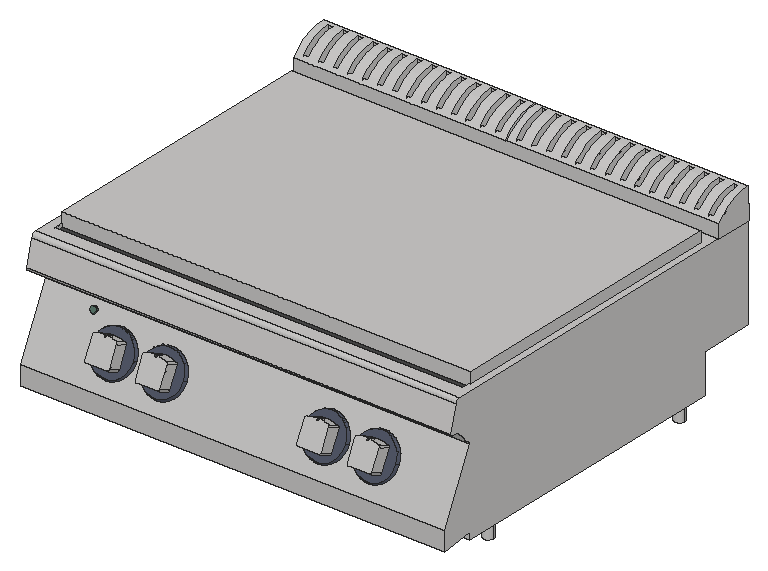
Revit family "QF_ZANUSSI_372028_Z7HOEH4000", category Specialty Equipment, Revit 2018 (continued)
Automatic sketch dimensions
  Extrusion 52 sketch curve to plane 14 "panel" = 35 mm
  plane 13 to Extrusion 52 sketch curve = 5.671 mm
  Extrusion 52 sketch curve to Extrusion 52 sketch curve = 3 mm
  Extrusion 52 sketch curve to Extrusion 52 sketch curve = 0 mm  (x2)
  Extrusion 52 sketch curve to Extrusion 52 sketch curve = 1 mm
  Extrusion 52 sketch curve to Extrusion 52 sketch curve = 15 mm
  Extrusion 53 sketch curve to plane 14 "panel" = 35 mm
  plane 13 to Extrusion 53 sketch curve = 5.671 mm
  Extrusion 53 sketch curve to Extrusion 53 sketch curve = 3 mm
  Extrusion 53 sketch curve to Extrusion 53 sketch curve = 0 mm
  Extrusion 53 sketch curve to Extrusion 53 sketch curve = 1 mm  (x2)
  Extrusion 53 sketch curve to Extrusion 53 sketch curve = 15 mm
  curve 128 to plane 3 "LEFT" = 0 mm
  curve 163 to plane 3 "LEFT" = 0 mm
  curve 128 to plane 4 "RIGHT" = 0 mm
  plane 3 "LEFT" to curve 129 = 129.5 mm
  curve 129 to curve 130 = 0.809 mm
  curve 133 to curve 133 = 1.583 mm
  curve 130 to curve 131 = 1.846 mm
  curve 130 to curve 144 = 2.189 mm
  curve 129 to curve 132 = 11.892 mm
  curve 133 to curve 135 = 20.417 mm
  curve 144 to curve 134 = 19.134 mm
  curve 134 to curve 143 = 1.738 mm
  curve 135 to curve 136 = 2 mm
  curve 132 to curve 141 = 22.215 mm
  curve 136 to curve 144 = 19.003 mm
  curve 144 to curve 140 = 0.343 mm
  curve 140 to curve 142 = 1.071 mm
  curve 140 to curve 139 = 2.189 mm
  curve 139 to curve 138 = 0.809 mm
  curve 138 to curve 154 = 49 mm
  curve 154 to curve 155 = 0.809 mm
  curve 158 to curve 158 = 1.583 mm
  curve 155 to curve 156 = 1.846 mm
  curve 155 to curve 160 = 2.189 mm
  curve 154 to curve 157 = 11.892 mm
  curve 158 to curve 152 = 20.417 mm
  curve 160 to curve 159 = 19.134 mm
  curve 159 to curve 150 = 1.738 mm
  curve 152 to curve 151 = 2 mm
  curve 157 to curve 148 = 22.215 mm
  curve 151 to curve 160 = 19.003 mm
  curve 147 to curve 147 = 0.343 mm
  curve 147 to curve 149 = 1.071 mm
  curve 147 to curve 146 = 2.189 mm
  curve 146 to curve 145 = 0.809 mm
  plane 7 "Center Y" to curve 164 = 129.5 mm
  curve 164 to curve 165 = 0.809 mm
  curve 168 to curve 168 = 1.583 mm
  curve 165 to curve 166 = 1.846 mm
  curve 165 to curve 179 = 2.189 mm
  curve 164 to curve 167 = 11.892 mm
  curve 168 to curve 171 = 20.417 mm
  curve 179 to curve 169 = 19.134 mm
  curve 169 to curve 178 = 1.738 mm
  curve 170 to curve 172 = 2 mm
  curve 167 to curve 176 = 22.215 mm
  curve 171 to curve 179 = 19.003 mm
  curve 179 to curve 175 = 0.343 mm
  curve 175 to curve 177 = 1.071 mm
  curve 175 to curve 174 = 2.189 mm
  curve 174 to curve 173 = 0.809 mm
  curve 173 to curve 189 = 49 mm
  curve 189 to curve 190 = 0.809 mm
  curve 193 to curve 193 = 1.583 mm
  curve 190 to curve 191 = 1.846 mm
  curve 190 to curve 195 = 2.189 mm
  curve 189 to curve 192 = 11.892 mm
  curve 193 to curve 188 = 20.417 mm
  curve 195 to curve 194 = 19.134 mm
  curve 194 to curve 185 = 1.738 mm
  curve 187 to curve 186 = 2 mm
  curve 192 to curve 183 = 22.215 mm
  curve 186 to curve 195 = 19.003 mm
  curve 182 to curve 182 = 0.343 mm
  curve 182 to curve 184 = 1.071 mm
  curve 182 to curve 181 = 2.189 mm
  curve 181 to curve 180 = 0.809 mm
  plane 5 "FRONT" to curve 159 = 97.519 mm
  curve 143 to curve 159 = 0 mm
  curve 159 to curve 178 = 0 mm
  curve 134 to curve 143 = 0 mm
  curve 178 to curve 194 = 0 mm
  curve 159 to curve 150 = 0 mm
  curve 169 to curve 178 = 0 mm
  curve 194 to curve 185 = 0 mm
  curve 143 to curve 144 = 86.839 mm
  curve 185 to curve 195 = 86.839 mm
  curve 140 to curve 160 = 0 mm
  curve 169 to curve 179 = 86.839 mm
  curve 175 to curve 173 = 1.333 mm
  curve 131 to curve 129 = 1.333 mm
  curve 191 to curve 190 = 1.333 mm
  curve 182 to curve 180 = 1.333 mm
  curve 147 to curve 145 = 1.333 mm
  curve 156 to curve 155 = 1.333 mm
  curve 140 to curve 138 = 1.333 mm
  curve 166 to curve 164 = 1.333 mm
  curve 139 to curve 140 = 2.779 mm
  curve 181 to curve 182 = 2.779 mm
  curve 155 to curve 156 = 2.779 mm
  curve 174 to curve 175 = 2.779 mm
  curve 130 to curve 131 = 2.779 mm
  curve 146 to curve 147 = 2.779 mm
  curve 190 to curve 191 = 2.779 mm
  curve 165 to curve 166 = 2.779 mm
  curve 182 to curve 184 = 14.462 mm
  curve 140 to curve 142 = 14.462 mm
  curve 175 to curve 177 = 14.462 mm
  curve 166 to curve 168 = 14.462 mm
  curve 156 to curve 158 = 14.462 mm
  curve 131 to curve 133 = 14.462 mm
  curve 147 to curve 149 = 14.462 mm
  curve 191 to curve 193 = 14.462 mm
  curve 177 to curve 172 = 1.435 mm
  curve 193 to curve 188 = 1.435 mm
  curve 149 to curve 151 = 1.435 mm
  curve 133 to curve 136 = 1.435 mm
  curve 187 to curve 192 = 41.91 mm
  curve 152 to curve 157 = 41.91 mm
  curve 157 to curve 148 = 0 mm
  curve 171 to curve 176 = 41.91 mm
  curve 135 to curve 132 = 41.91 mm
  curve 132 to curve 141 = 0 mm
  curve 192 to curve 183 = 0 mm
  curve 167 to curve 176 = 0 mm
  curve 132 to curve 129 = 9.809 mm
  curve 133 to curve 133 = 0.284 mm
  curve 142 to curve 143 = 0.284 mm
  curve 138 to curve 141 = 9.809 mm
  curve 157 to curve 154 = 9.809 mm
  curve 159 to curve 158 = 0.284 mm
  curve 149 to curve 149 = 0.284 mm
  curve 145 to curve 148 = 9.809 mm
  curve 167 to curve 164 = 9.809 mm
  curve 168 to curve 168 = 0.284 mm
  curve 177 to curve 178 = 0.284 mm
  curve 173 to curve 176 = 9.809 mm
  curve 192 to curve 189 = 9.809 mm
  curve 194 to curve 193 = 0.284 mm
  curve 184 to curve 185 = 0.284 mm
  curve 180 to curve 183 = 9.809 mm
  plane 4 "RIGHT" to curve 197 = 0.05 mm
  curve 181 to curve 197 = 9.347 mm
  curve 131 to curve 163 = 6.567 mm
  curve 175 to curve 196 = 6.567 mm
  curve 166 to curve 162 = 6.567 mm
  curve 156 to curve 161 = 6.567 mm
  curve 142 to curve 142 = 0.567 mm
  curve 177 to curve 177 = 0.567 mm
  curve 168 to curve 168 = 0.567 mm
  curve 158 to curve 158 = 0.567 mm
  curve 184 to curve 184 = 0.567 mm
  curve 149 to curve 149 = 0.567 mm
  curve 133 to curve 133 = 0.567 mm
  curve 193 to curve 193 = 0.567 mm
  curve 184 to curve 183 = 1.156 mm
  Extrusion 2 sketch curve to plane 4 "RIGHT" = 14.981 mm
  plane 3 "LEFT" to Extrusion 2 sketch curve = 15 mm
  Extrusion 2 sketch curve to plane 12 = 54.376 mm
  Extrusion 2 sketch curve to plane 13 = 46.738 mm
  plane 11 to Extrusion 3 sketch curve = 0 mm  (x2)
  plane 12 to Extrusion 3 sketch curve = 0 mm  (x2)
  plane 3 "LEFT" to Extrusion 3 sketch curve = 11.112 mm  (x2)
  Extrusion 3 sketch curve to plane 4 "RIGHT" = 11.113 mm  (x2)
  plane 9 "BASE" to Extrusion 4 sketch curve = 33.906 mm
  Extrusion 4 sketch curve to plane 4 "RIGHT" = 52 mm
  plane 5 "FRONT" to Extrusion 5 sketch curve = 0 mm  (x2)
  plane 1 "BACK" to Extrusion 5 sketch curve = 0 mm
  Extrusion 5 sketch curve to plane 3 "LEFT" = 0 mm
  Extrusion 5 sketch curve to plane 4 "RIGHT" = 0 mm
  Extrusion 5 sketch curve to plane 3 "LEFT" = 150.019 mm
  plane 4 "RIGHT" to Extrusion 5 sketch curve = 150.019 mm
  Extrusion 5 sketch curve to plane 1 "BACK" = 150.019 mm
  plane 1 "BACK" to curve 6 = 0 mm
  curve 6 to plane 4 "RIGHT" = 0 mm
  curve 5 to plane 3 "LEFT" = 0 mm
  curve 8 to plane 3 "LEFT" = 0 mm
  plane 5 "FRONT" to curve 5 = 0 mm
  plane 5 "FRONT" to curve 6 = 0 mm
  plane 4 "RIGHT" to curve 3 = 150.019 mm
  curve 1 to plane 3 "LEFT" = 150.019 mm
  curve 1 to plane 1 "BACK" = 150.019 mm
  curve 4 to curve 7 = 69.85 mm
  curve 7 to curve 7 = 31.725 mm
  curve 9 to curve 7 = 0 mm
  curve 8 to plane 12 = 26.988 mm
  plane 5 "FRONT" to curve 3 = 1.377 mm
  plane 5 "FRONT" to curve 1 = 1.377 mm
  Extrusion 2 to curve 12 = 0 mm
  curve 12 to Extrusion 2 = 0 mm
  curve 11 to Extrusion 2 = 0 mm  (x2)
  Extrusion 6 sketch curve to Extrusion 2 = 0 mm  (x3)
  Extrusion 6 sketch curve to Extrusion 2 = 18.26 mm
  Extrusion 22 sketch curve to plane 1 "BACK" = 6.761 mm
  plane 4 "RIGHT" to Extrusion 22 sketch curve = 22.649 mm
  Extrusion 22 sketch curve to Extrusion 22 sketch curve = 9.296 mm
  Extrusion 22 sketch curve to Extrusion 22 sketch curve = 57.15 mm
  Extrusion 24 sketch curve to plane 1 "BACK" = 6.761 mm
  plane 4 "RIGHT" to Extrusion 24 sketch curve = 50.491 mm
  Extrusion 24 sketch curve to Extrusion 24 sketch curve = 9.296 mm
  Extrusion 24 sketch curve to Extrusion 24 sketch curve = 57.15 mm
  Extrusion 25 sketch curve to plane 1 "BACK" = 6.761 mm
  plane 4 "RIGHT" to Extrusion 25 sketch curve = 78.333 mm
  Extrusion 25 sketch curve to Extrusion 25 sketch curve = 9.296 mm
  Extrusion 25 sketch curve to Extrusion 25 sketch curve = 57.15 mm
  Extrusion 26 sketch curve to plane 1 "BACK" = 6.761 mm
  plane 4 "RIGHT" to Extrusion 26 sketch curve = 106.175 mm
  Extrusion 26 sketch curve to Extrusion 26 sketch curve = 9.296 mm
  Extrusion 26 sketch curve to Extrusion 26 sketch curve = 57.15 mm
  Extrusion 27 sketch curve to plane 1 "BACK" = 6.761 mm
  plane 4 "RIGHT" to Extrusion 27 sketch curve = 134.018 mm
  Extrusion 27 sketch curve to Extrusion 27 sketch curve = 9.296 mm
  Extrusion 27 sketch curve to Extrusion 27 sketch curve = 57.15 mm
  Extrusion 28 sketch curve to plane 1 "BACK" = 6.761 mm
  plane 4 "RIGHT" to Extrusion 28 sketch curve = 161.86 mm
  Extrusion 28 sketch curve to Extrusion 28 sketch curve = 9.296 mm
  Extrusion 28 sketch curve to Extrusion 28 sketch curve = 57.15 mm
  Extrusion 29 sketch curve to plane 1 "BACK" = 6.761 mm
  plane 4 "RIGHT" to Extrusion 29 sketch curve = 189.702 mm
  Extrusion 29 sketch curve to Extrusion 29 sketch curve = 9.296 mm
  Extrusion 29 sketch curve to Extrusion 29 sketch curve = 57.15 mm
  plane 1 "BACK" to curve 126 = 0 mm
  plane 1 "BACK" to curve 127 = 0 mm
  curve 70 to plane 4 "RIGHT" = 13.453 mm
  curve 70 to curve 73 = 9.296 mm
  curve 72 to curve 78 = 18.547 mm
  curve 78 to curve 79 = 9.296 mm
  curve 80 to curve 85 = 18.547 mm
  curve 82 to curve 84 = 9.296 mm
  curve 84 to curve 89 = 18.547 mm
  curve 86 to curve 87 = 9.296 mm
  curve 88 to curve 90 = 18.547 mm
  curve 90 to curve 91 = 9.296 mm
  curve 92 to curve 97 = 18.547 mm
  curve 94 to curve 96 = 9.296 mm
  plane 1 "BACK" to curve 98 = 6.761 mm
  curve 95 to curve 98 = 18.547 mm
  curve 98 to curve 101 = 9.296 mm
  plane 1 "BACK" to curve 102 = 6.761 mm
  curve 99 to curve 102 = 18.547 mm
  curve 102 to curve 103 = 9.296 mm
  curve 104 to curve 106 = 18.547 mm
  curve 106 to curve 107 = 9.296 mm
  curve 108 to curve 110 = 18.547 mm
  curve 110 to curve 111 = 9.296 mm
  curve 112 to curve 117 = 18.547 mm
  curve 114 to curve 115 = 9.296 mm
  curve 116 to curve 118 = 18.547 mm
  curve 118 to curve 119 = 9.296 mm
  curve 120 to curve 125 = 18.547 mm
  curve 122 to curve 124 = 9.296 mm
  plane 1 "BACK" to curve 75 = 6.761 mm
  curve 123 to curve 75 = 18.547 mm
  curve 74 to curve 76 = 9.296 mm
  curve 20 to plane 7 "Center Y" = 15.301 mm
  curve 19 to curve 19 = 9.296 mm
  curve 18 to curve 68 = 18.547 mm
  curve 67 to curve 67 = 9.296 mm
  plane 1 "BACK" to curve 64 = 6.761 mm
  curve 66 to curve 64 = 18.547 mm
  curve 64 to curve 62 = 9.296 mm
  curve 62 to curve 61 = 18.547 mm
  curve 60 to curve 61 = 9.296 mm
  plane 1 "BACK" to curve 56 = 6.761 mm
  curve 58 to curve 56 = 18.547 mm
  curve 56 to curve 54 = 9.296 mm
  curve 54 to curve 53 = 18.547 mm
  curve 52 to curve 53 = 9.296 mm
  plane 1 "BACK" to curve 48 = 6.761 mm
  curve 50 to curve 48 = 18.547 mm
  curve 48 to curve 49 = 9.296 mm
  curve 46 to curve 45 = 18.547 mm
  curve 43 to curve 42 = 9.296 mm
  plane 1 "BACK" to curve 40 = 6.761 mm
  curve 42 to curve 40 = 18.547 mm
  curve 39 to curve 39 = 9.296 mm
  curve 38 to curve 37 = 18.547 mm
  curve 36 to curve 34 = 9.296 mm
  curve 34 to curve 33 = 18.547 mm
  curve 31 to curve 30 = 9.296 mm
  plane 1 "BACK" to curve 28 = 6.761 mm
  curve 30 to curve 28 = 18.547 mm
  curve 28 to curve 29 = 9.296 mm
  curve 26 to curve 24 = 18.547 mm
  curve 23 to curve 22 = 9.296 mm
  plane 1 "BACK" to curve 15 = 6.761 mm
  curve 22 to curve 15 = 18.547 mm
  curve 15 to curve 15 = 9.296 mm
  plane 1 "BACK" to curve 124 = 6.761 mm
  plane 1 "BACK" to curve 18 = 6.761 mm
  plane 1 "BACK" to curve 120 = 6.761 mm
  plane 1 "BACK" to curve 22 = 6.761 mm
  plane 1 "BACK" to curve 116 = 6.761 mm
  plane 1 "BACK" to curve 112 = 6.761 mm
  plane 1 "BACK" to curve 30 = 6.761 mm
  plane 1 "BACK" to curve 108 = 6.761 mm
  plane 1 "BACK" to curve 34 = 6.761 mm
  plane 1 "BACK" to curve 42 = 6.761 mm
  plane 1 "BACK" to curve 96 = 6.761 mm
  plane 1 "BACK" to curve 92 = 6.761 mm
  plane 1 "BACK" to curve 50 = 6.761 mm
  plane 1 "BACK" to curve 88 = 6.761 mm
  plane 1 "BACK" to curve 84 = 6.761 mm
  plane 1 "BACK" to curve 58 = 6.761 mm
  plane 1 "BACK" to curve 80 = 6.761 mm
  plane 1 "BACK" to curve 66 = 6.761 mm
  plane 1 "BACK" to curve 72 = 6.761 mm
  curve 14 to curve 14 = 57.15 mm
  curve 66 to curve 69 = 57.15 mm
  curve 71 to curve 72 = 57.15 mm
  curve 74 to curve 74 = 57.15 mm
  curve 65 to curve 66 = 0 mm
  curve 78 to curve 72 = 0 mm
  curve 61 to curve 62 = 0 mm
  curve 82 to curve 80 = 0 mm
  curve 57 to curve 58 = 0 mm
  curve 86 to curve 84 = 0 mm
  curve 53 to curve 54 = 0 mm
  curve 90 to curve 88 = 0 mm
  curve 49 to curve 50 = 0 mm
  curve 94 to curve 92 = 0 mm
  curve 45 to curve 46 = 0 mm
  curve 98 to curve 96 = 0 mm
  curve 41 to curve 42 = 0 mm
  curve 102 to curve 100 = 0 mm
  curve 37 to curve 38 = 0 mm
  curve 106 to curve 104 = 0 mm
  curve 33 to curve 34 = 0 mm
  curve 110 to curve 108 = 0 mm
  curve 29 to curve 30 = 0 mm
  curve 114 to curve 112 = 0 mm
  curve 16 to curve 25 = 0 mm
  curve 118 to curve 116 = 0 mm
  curve 68 to curve 21 = 0 mm
  curve 122 to curve 120 = 0 mm
  plane 7 "Center Y" to curve 126 = 1.637 mm
  curve 127 to plane 7 "Center Y" = 1.537 mm
  curve 20 to curve 127 = 5.939 mm
  curve 127 to curve 126 = 0 mm
  plane 11 to Extrusion 1 sketch curve = 117.116 mm
  plane 11 to Extrusion 1 sketch curve = 101.999 mm
  Extrusion 1 sketch curve to Extrusion 1 sketch curve = 2.884 mm
  plane 11 to Extrusion 1 sketch curve = 88.948 mm
  Extrusion 1 sketch curve to plane 6 "TOP" = 114.816 mm
  Extrusion 1 sketch curve to Extrusion 1 sketch curve = 10.198 mm
  Extrusion 1 sketch curve to Extrusion 1 sketch curve = 7.474 mm
  Extrusion 1 sketch curve to Extrusion 1 sketch curve = 56.355 mm
  Extrusion 1 sketch curve to Extrusion 1 sketch curve = 0.445 mm
  Extrusion 1 sketch curve to Extrusion 1 sketch curve = 3.2 mm
  Extrusion 1 sketch curve to plane 10 "TOP A" = 88.636 mm
  Extrusion 1 sketch curve to Extrusion 1 sketch curve = 31.82 mm
  plane 1 "BACK" to Extrusion 1 sketch curve = 103 mm
  Extrusion 1 sketch curve to plane 6 "TOP" = 58 mm
  Extrusion 1 sketch curve to plane 1 "BACK" = 0 mm
  Extrusion 1 sketch curve to plane 10 "TOP A" = 176 mm
  Extrusion 1 sketch curve to plane 10 "TOP A" = 209.492 mm
  Extrusion 1 sketch curve to Extrusion 1 sketch curve = 27.08 mm
  Extrusion 1 sketch curve to Extrusion 1 sketch curve = 35 mm
  Extrusion 1 sketch curve to Extrusion 1 sketch curve = 74 mm
  Extrusion 1 sketch curve to Extrusion 1 sketch curve = 3 mm
  radius of Blend 37 sketch curve = 42.5 mm
  radius of Blend 37 sketch curve = 40.5 mm
  radius of Extrusion 40 sketch curve = 6 mm
  radius of Split face 5 sketch curve = 2.029 mm
  radius of Split face 6 sketch curve = 1.5 mm
  radius of Blend 42 sketch curve = 42.5 mm
  radius of Blend 42 sketch curve = 40.5 mm
  radius of Split face 7 sketch curve = 1.5 mm
  radius of Split face 12 sketch curve = 2.031 mm
  radius of Split face 13 sketch curve = 1.5 mm
  radius of Split face 14 sketch curve = 1.5 mm
  radius of Split face 15 sketch curve = 1.5 mm
  radius of Split face 16 sketch curve = 1.5 mm
  radius of Split face 17 sketch curve = 1.5 mm
  radius of Split face 18 sketch curve = 1.5 mm
  radius of Split face 19 sketch curve = 1.5 mm
  radius of Split face 20 sketch curve = 1.5 mm
  radius of Split face 21 sketch curve = 1.5 mm
  radius of Split face 22 sketch curve = 1.5 mm
  radius of Split face 23 sketch curve = 1.5 mm
  radius of Split face 24 sketch curve = 1.5 mm
  radius of Blend 46 sketch curve = 42.5 mm
  radius of Blend 46 sketch curve = 40.5 mm
  radius of Split face 29 sketch curve = 2.029 mm
  radius of Split face 30 sketch curve = 1.5 mm
  radius of Blend 47 sketch curve = 42.5 mm
  radius of Blend 47 sketch curve = 40.5 mm
  radius of Split face 31 sketch curve = 1.5 mm
  radius of Split face 36 sketch curve = 2.031 mm
  radius of Split face 37 sketch curve = 1.5 mm
  radius of Split face 38 sketch curve = 1.5 mm
  radius of Split face 39 sketch curve = 1.5 mm
  radius of Split face 40 sketch curve = 1.5 mm
  radius of Split face 41 sketch curve = 1.5 mm
  radius of Split face 42 sketch curve = 1.5 mm
  radius of Split face 43 sketch curve = 1.5 mm
  radius of Split face 44 sketch curve = 1.5 mm
  radius of Split face 45 sketch curve = 1.5 mm
  radius of Split face 46 sketch curve = 1.5 mm
  radius of Split face 47 sketch curve = 1.5 mm
  radius of Split face 48 sketch curve = 1.5 mm
  radius of Extrusion 3 sketch curve = 9.525 mm  (x4)
  radius of Extrusion 4 sketch curve = 12.7 mm
Connectors
  electrical at (748, -88.9, 57.906), driven by "Volts", driven by "Watts"
    settings: on Extrusion 4, index 1, voltage 400 V, apparent load 10000 VA, apparent load phase1 0 VA, apparent load phase2 0 VA, apparent load phase3 0 VA, power factor 1, load classification "Other", number of poles 1, system type 30, power factor state 1, is connector primary yes, connector utility no, sub classification motor no, connector description "Electrical Connection"
